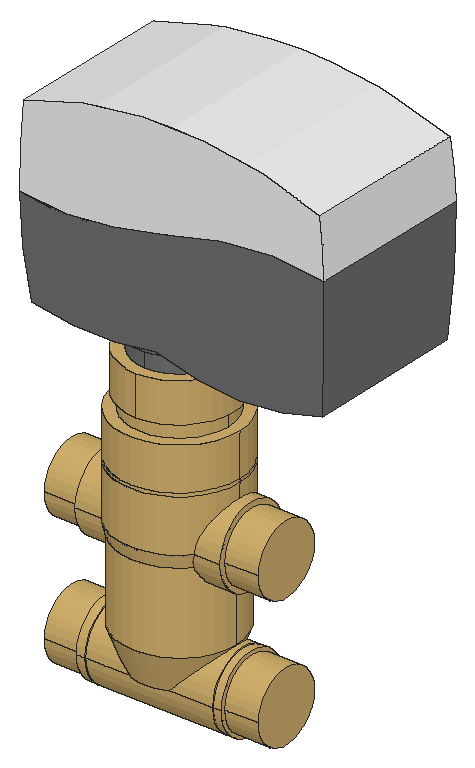
Revit family "VZ4_DN15-20_AMV(E) 130_140 (X)_RFA_1", category Pipe Accessories, Revit 2019
Family settings
  Round Connector Dimension = Use Diameter
  Part Type = Valve - Breaks Into
  OmniClass Number = 23.65.55.14.17
  OmniClass Title = Adjusting/Controlling Valves for Liquid Services
  Work Plane-Based = No
  Always vertical = Yes
  Cut with Voids When Loaded = No
  Shared = No
Parameters (values of type "VZ4_DN15_Kvs0.25_065Z5510")
  Weight = 0.51 kg
  W = 49.9 mm  # constant formula
  Voltage = if(or(Actuator Type = [082H0050], Actuator Type = [082H8037], Actuator Type = [082H8039]), 230 V, 24 V)  # 24 V
  Valve Body Material = Danfoss Brass (DZR)
  URL = "https://store.danfoss.com/en/Climate-Solutions-for-heating/Motorised-Control-Valves-/Globe-Valves/Valves-for-Terminal-%26-Zone/c/4107?q=%3Arelevance%3Adanfoss_producttypehierarchydesc%3A6cc733bfba1914d8ebc07122ec55f7d9897b4040&page=0&pageSize=10"
  Stroke = "5.5 mm"  # constant formula
  R5 = 18.5 mm
  R6 = 13 mm
  R3 = 11.5 mm
  R4 = 18.5 mm
  R2 = 12 mm
  R1_1 = 11.5 mm
  R1 = 10.5 mm
  Pressure Drop [instance] = 0.0 bar
  Power = if(or(Actuator Type = [082H8044], Actuator Type = [082H8045]), 1.3 VA, if(or(Actuator Type = [082H8065]), 1.5 VA, if(or(Actuator Type = [082H0050], Actuator Type = [082H8037], Actuator Type = [082H8039]), 8 VA, 1 VA)))  # 1.3 VA
  Nominal Pressure = "PN 16"  # constant formula
  Model Type = "VZ4_DN15_Kvs0.25"
  Model = "065Z5510"
  Min Medium Temperature = "2°C"  # constant formula
  Max Operating Pressure = "1 bar"  # constant formula
  Max Medium Temperature = "120°C"  # constant formula
  Max Differential Pressure = "3.5 bar"
  Manufacturer = "Danfoss"  # constant formula
  LOD 350 = not(LOD 200)  # yes
  LOD 200 = no
  L1 = 10.5 mm
  L = 65 mm
  Kvs (B-AB) = 0.25 m³/h
  Kvs (A-AB) = 0.25 m³/h
  IfcExportType = "VZ4"  # constant formula
  IfcExportAs = "IfcValveType"  # constant formula
  Ha [instance] = 122.8 mm
  H3 = 51.5 mm
  H1 = 4 mm
  H2 = 30 mm  # constant formula
  H [instance] = 174.3 mm
  Flow [instance] = 0.0 m³/h
  E1 = 17 mm
  Description = "Motorized Control Valve"  # constant formula
  D1 = R2 * 2  # 24 mm
  D = 15 mm
  Connection = "External Thread"  # constant formula
  C = 40 mm
  Actuator Type = AMV(E) 130_140 (X)_RFA : AME 130_24V_1.5m_082H8044
  082H8065 = AMV(E) 130_140 (X)_RFA : AME 140 X_24V_1.5m_082H8065
  082H8045 = AMV(E) 130_140 (X)_RFA : AME 140_24V_1.5m_082H8045
  082H8044 = AMV(E) 130_140 (X)_RFA : AME 130_24V_1.5m_082H8044
  082H8039 = AMV(E) 130_140 (X)_RFA : AMV 140_230V_1.5m_082H8039
  082H8037 = AMV(E) 130_140 (X)_RFA : AMV 130_230V_1.5m_082H8037
  082H0050 = AMV(E) 130_140 (X)_RFA : AMV 130_230V_0.5m_IP_082H0050
Types (9, lengths in mm): name | Weight | R5 | R3 | R2 | R1_1 | R1 | Model Type | Model | Max Differential Pressure | L1 | L | Kvs (B-AB) | Kvs (A-AB) | H3 | H1 | H | E1 | D1 | D | C
  (no name) | 0.51 kg | 18.5 | 11.5 | 12 | 11.5 | 10.5 | "VZ4_DN15_Kvs0.25" | "065Z5510" | "3.5 bar" | 10.5 | 65 | 0.25 m³/h | 0.25 m³/h | 51.5 | 4 | 174.3 | 17 | 24 | 15 | 40
  VZ4_DN20_Kvs2.5_065Z5520 | 0.62 kg | 22.123 | 12 | 17.5 | 14.3 | 14.3 | "VZ4_DN20_Kvs2.5" | "065Z5520" | "2.5 bar" | 11.5 | 77 | 1.6 m³/h | 2.5 m³/h | 64.5 | 8.8 | 187.3 | 21 | 35 | 20 | 50
  VZ4_DN15_Kvs0.4_065Z5511 | 0.51 kg | 18.5 | 11.5 | 12 | 11.5 | 10.5 | "VZ4_DN15_Kvs0.4" | "065Z5511" | "3.5 bar" | 10.5 | 65 | 0.25 m³/h | 0.4 m³/h | 51.5 | 4 | 187.3 | 17 | 24 | 15 | 40
  VZ4_DN15_Kvs0.63_065Z5512 | 0.51 kg | 18.5 | 11.5 | 12 | 11.5 | 10.5 | "VZ4_DN15_Kvs0.63" | "065Z5512" | "3.5 bar" | 10.5 | 65 | 0.4 m³/h | 0.63 m³/h | 51.5 | 4 | 187.3 | 17 | 24 | 15 | 40
  VZ4_DN15_Kvs1.0_065Z5513 | 0.51 kg | 18.5 | 11.5 | 12 | 11.5 | 10.5 | "VZ4_DN15_Kvs1.0" | "065Z5513" | "3.5 bar" | 10.5 | 65 | 0.63 m³/h | 1.0 m³/h | 51.5 | 4 | 187.3 | 17 | 24 | 15 | 40
  VZ4_DN15_Kvs1.6_065Z5514 | 0.51 kg | 18.5 | 11.5 | 12 | 11.5 | 10.5 | "VZ4_DN15_Kvs1.6" | "065Z5514" | "3.5 bar" | 10.5 | 65 | 1.0 m³/h | 1.6 m³/h | 51.5 | 4 | 187.3 | 17 | 24 | 15 | 40
  VZ4_DN15_Kvs2.5_065Z5515 | 0.51 kg | 18.5 | 11.5 | 12 | 11.5 | 10.5 | "VZ4_DN15_Kvs2.5" | "065Z5515" | "3.5 bar" | 10.5 | 65 | 1.6 m³/h | 2.5 m³/h | 51.5 | 4 | 187.3 | 17 | 24 | 15 | 40
  VZ4_DN20_Kvs4.0_065Z5521 | 0.62 kg | 22.123 | 12 | 17.5 | 14.3 | 14.3 | "VZ4_DN20_Kvs4.0" | "065Z5521" | "2.5 bar" | 11.5 | 77 | 2.5 m³/h | 4.0 m³/h | 64.5 | 8.8 | 187.3 | 21 | 35 | 20 | 50
  VZ4_DN15_Kvs0.25_065Z5510 | 0.51 kg | 18.5 | 11.5 | 12 | 11.5 | 10.5 | "VZ4_DN15_Kvs0.25" | "065Z5510" | "3.5 bar" | 10.5 | 65 | 0.25 m³/h | 0.25 m³/h | 51.5 | 4 | 174.3 | 17 | 24 | 15 | 40
Reference planes
  plane 1 "Center (Front/Back)": y = 0
  plane 2: z = 0
  plane 3 "Center (Left/Right)": x = 0
  plane 4: z = -51.5
  plane 5: x = -32.5
  plane 6: x = 32.5
  plane 7: x = -22
  plane 8: x = 22
  plane 9: z = 30
  plane 10: z = 40
  plane 11 "c": z = -40
  plane 12: z = -40
  plane 13: x = -19.4
  plane 14: x = 19.4
  plane 15: z = -28.5
  plane 16: z = -4
  plane 17: z = 16
  plane 18: y = -24.95
  plane 19: y = 24.95
Forms (mm)
  Extrusion 1, solid, material "Danfoss Brass (DZR)" <- "Valve Body Material", visible <- "LOD 350", detail levels fine
    sketch origin (0, 0, 0) x (0, 1, 0) y (0, 0, 1)
      loop
        circle (0, 0) r 10.5
    from 22 to 32.5
  Extrusion 2, solid, material "Danfoss Brass (DZR)" <- "Valve Body Material", visible <- "LOD 350", detail levels fine
    sketch origin (0, 0, 0) x (0, 1, 0) y (0, 0, 1)
      loop
        circle (0, 0) r 10.5
    from -32.5 to -22
  Extrusion 3, solid, material "Danfoss Brass (DZR)" <- "Valve Body Material", visible <- "LOD 350", detail levels fine
    sketch origin (0, 0, 0) x (0, 1, 0) y (0, 0, 1)
      loop
        circle (0, 0) r 12
    from -22 to 22
  Extrusion 4, solid, material "Danfoss Brass (DZR)" <- "Valve Body Material", visible <- "LOD 350", detail levels fine
    sketch origin (0, 0, 0) x (1, 0, 0) y (0, 1, 0)
      loop
        circle (0, 0) r 17.5
    from -28.5 to -4
  Extrusion 5, solid, material "Danfoss Brass (DZR)" <- "Valve Body Material", visible <- "LOD 350", detail levels fine
    sketch origin (0, 0, 0) x (1, 0, 0) y (0, 1, 0)
      loop
        circle (0, 0) r 18.5
    from 17 <- "E1" to 30
  Extrusion 6, solid, material "Danfoss Brass (DZR)" <- "Valve Body Material", visible <- "LOD 200", detail levels fine
    sketch origin (0, 0, 0) x (0, 1, 0) y (0, 0, 1)
      loop
        circle (0, 0) r 10.5
    from -32.5 to 32.5
  Extrusion 7, solid, material "Danfoss Brass (DZR)" <- "Valve Body Material", visible <- "LOD 200", detail levels fine
    sketch origin (0, 0, 0) x (1, 0, 0) y (0, 1, 0)
      loop
        circle (0, 0) r 18.5
    from -40 to 40
  Extrusion 8, solid, material "Danfoss Brass (DZR)" <- "Valve Body Material", visible <- "LOD 350", detail levels fine
    sketch origin (0, 0, -40) x (0, 1, 0) y (0, 0, 1)
      loop
        circle (0, 0) r 11.5
    from -19.4 to 19.4
  Extrusion 9, solid, material "Danfoss Brass (DZR)" <- "Valve Body Material", visible <- "LOD 350", detail levels fine
    sketch origin (0, 0, -40.189) x (0, 1, 0) y (0, 0, 1)
      loop
        circle (0, 0.189) r 10.5
    from 22 to 32.5
  Extrusion 10, solid, material "Danfoss Brass (DZR)" <- "Valve Body Material", visible <- "LOD 350", detail levels fine
    sketch origin (0, 0, -40.189) x (0, 1, 0) y (0, 0, 1)
      loop
        circle (0, 0.189) r 10.5
    from -32.5 to -22
  Blend 11, solid, material "Danfoss Brass (DZR)" <- "Valve Body Material", visible <- "LOD 350", detail levels fine
    base sketch origin (0, 0, 0) x (0, 1, 0) y (0, 0, 1)
      loop
        circle (0, -40) r 11.5
    top sketch origin (0, 0, 0) x (0, 1, 0) y (0, 0, 1)
      loop
        circle (0, -40) r 11.5
    from -22 to -19.4
  Blend 12, solid, material "Danfoss Brass (DZR)" <- "Valve Body Material", visible <- "LOD 350", detail levels fine
    base sketch origin (0, 0, 0) x (0, 1, 0) y (0, 0, -1)
      loop
        circle (0, 40) r 11.5
    top sketch origin (0, 0, 0) x (0, 1, 0) y (0, 0, -1)
      loop
        circle (0, 40) r 11.5
    from -22 to -19.4
  Extrusion 13, solid, material "Danfoss Brass (DZR)" <- "Valve Body Material", visible <- "LOD 200", detail levels fine
    sketch origin (0, 0, -49.6) x (0, 1, 0) y (0, 0, 1)
      loop
        circle (0, 9.6) r 10.5
    from -32.5 to 32.5
  Blend 14, solid, material "Danfoss Brass (DZR)" <- "Valve Body Material", visible <- "LOD 350", detail levels fine
    base sketch origin (0, 0, 0) x (1, 0, 0) y (0, 1, 0)
      loop
        circle (0, 0) r 17.5
    top sketch origin (0, 0, 0) x (1, 0, 0) y (0, 1, 0)
      loop
        circle (0, 0) r 13
    from -28.5 to -40
  Revolve 15, solid, material "Danfoss Brass (DZR)" <- "Valve Body Material", visible <- "LOD 350", detail levels fine
    sketch origin (0, 0, 0) x (1, 0, 0) y (0, 0, 1)
      loop
        line (0, 40) -> (0, 30) -> (15, 30) -> (15, 40) -> (0, 40)
      axis (0, 40) -> (0, 30)
    angle from 0 to 360
  Extrusion 16, solid, material "Danfoss Brass (DZR)" <- "Valve Body Material", visible <- "LOD 350", detail levels fine
    sketch origin (0, 0, 0) x (1, 0, 0) y (0, 1, 0)
      loop
        circle (0, 0) r 18.5
    from 0 to 16
  Blend 17, solid, material "Danfoss Brass (DZR)" <- "Valve Body Material", visible <- "LOD 350", detail levels fine
    base sketch origin (0, 0, 0) x (1, 0, 0) y (0, 1, 0)
      loop
        circle (0, 0) r 18.5
    top sketch origin (0, 0, 0) x (1, 0, 0) y (0, 1, 0)
      loop
        circle (0, 0) r 18.5
    from 16 to 17 <- "E1"
  Blend 18, solid, material "Danfoss Brass (DZR)" <- "Valve Body Material", visible <- "LOD 350", detail levels fine
    base sketch origin (0, 0, 0) x (1, 0, 0) y (0, 1, 0)
      loop
        circle (0, 0) r 17.5
    top sketch origin (0, 0, 0) x (1, 0, 0) y (0, 1, 0)
      loop
        circle (0, 0) r 18.5
    from -4 to 0
Dimensions and locks
  "H3": level to plane 4
  "H2": plane 9 to level
  "L": plane 6 to plane 5
  "L1": plane 7 to plane 5
  "L1": plane 6 to plane 8
  equal spacing: plane 6, plane 3 "Center (Left/Right)", plane 5
  locked: plane 10 to plane 9 at 10
  level to plane 4 = 51.5 mm
  "R3": plane 12 to plane 4
  "C": level to plane 11 "c"
  locked: plane 13 to plane 7 at 2.6
  locked: plane 8 to plane 14 at 2.6
  "R3": plane 15 to plane 11 "c"
  Revolve 15 sketch curve to Revolve 15 sketch curve = 15 mm
  locked: plane 17 to level at 16
  "H1": level to plane 16
  level to plane 11 "c" = 40 mm
  equal spacing: plane 18, plane 1 "Center (Front/Back)", plane 19
  "W": plane 18 to plane 19
  locked: plane 10 to nested 2 at 5.6
  "Ha": nested 2 to plane 2
  "H": nested 2 to plane 4
  "R1": radius of Extrusion 1 sketch curve
  "R1": radius of Extrusion 2 sketch curve
  "R2": radius of Extrusion 3 sketch curve
  "R4": radius of Extrusion 5 sketch curve
  "R1": radius of Extrusion 6 sketch curve
  "R3": radius of Extrusion 8 sketch curve
  "R1": radius of Extrusion 9 sketch curve
  "R1": radius of Extrusion 10 sketch curve
  "R1_1": radius of Blend 11 sketch curve
  "R3": radius of Blend 11 sketch curve
  "R1_1": radius of Blend 12 sketch curve
  "R3": radius of Blend 12 sketch curve
  "R1": radius of Extrusion 13 sketch curve
  "R6": radius of Blend 14 sketch curve
  "R5": radius of Extrusion 16 sketch curve
  "R5": radius of Blend 17 sketch curve
  "R4": radius of Blend 17 sketch curve
  "R5": radius of Blend 18 sketch curve
  radius of Extrusion 4 sketch curve = 17.5 mm
  radius of Blend 18 sketch curve = 17.5 mm
  "R4": radius of Extrusion 7 sketch curve
  radius of Blend 14 sketch curve = 17.5 mm
  aligned and locked: level to plane 2
  aligned and locked: plane 1 "Center (Front/Back)" to Extrusion 1 sketch curve
  aligned and locked: level to Extrusion 1 sketch curve
  aligned and locked: plane 6 to Extrusion 1
  aligned and locked: Extrusion 1 to plane 8
  aligned and locked: plane 1 "Center (Front/Back)" to Extrusion 2 sketch curve
  aligned and locked: level to Extrusion 2 sketch curve
  aligned and locked: Extrusion 2 to plane 5
  aligned and locked: plane 7 to Extrusion 2
  aligned and locked: plane 1 "Center (Front/Back)" to Extrusion 3 sketch curve
  aligned and locked: level to Extrusion 3 sketch curve
  aligned and locked: Extrusion 3 to plane 7
  aligned and locked: plane 8 to Extrusion 3
  aligned and locked: plane 3 "Center (Left/Right)" to Extrusion 4 sketch curve
  aligned and locked: plane 1 "Center (Front/Back)" to Extrusion 4 sketch curve
  aligned and locked: plane 3 "Center (Left/Right)" to Extrusion 5 sketch curve
  aligned and locked: plane 1 "Center (Front/Back)" to Extrusion 5 sketch curve
  aligned and locked: plane 9 to Extrusion 5
  aligned and locked: plane 1 "Center (Front/Back)" to Extrusion 6 sketch curve
  aligned and locked: level to Extrusion 6 sketch curve
  aligned and locked: Extrusion 6 to plane 5
  aligned and locked: plane 6 to Extrusion 6
  aligned and locked: plane 3 "Center (Left/Right)" to Extrusion 7 sketch curve
  aligned and locked: plane 1 "Center (Front/Back)" to Extrusion 7 sketch curve
  aligned and locked: plane 10 to Extrusion 7
  aligned and locked: plane 1 "Center (Front/Back)" to Extrusion 10 sketch curve
  aligned and locked: plane 11 "c" to Extrusion 10 sketch curve
  aligned and locked: plane 1 "Center (Front/Back)" to Extrusion 8 sketch curve
  aligned and locked: plane 1 "Center (Front/Back)" to Extrusion 9 sketch curve
  aligned and locked: plane 11 "c" to Extrusion 9 sketch curve
  aligned and locked: Extrusion 10 to plane 5
  aligned and locked: plane 6 to Extrusion 9
  aligned and locked: plane 7 to Extrusion 10
  aligned and locked: Extrusion 9 to plane 8
  aligned and locked: Extrusion 8 to plane 13
  aligned and locked: plane 14 to Extrusion 8
  aligned and locked: plane 1 "Center (Front/Back)" to Blend 11 sketch curve  (x2)
  aligned and locked: plane 11 "c" to Blend 11 sketch curve  (x2)
  aligned and locked: Blend 11 to plane 7
  aligned and locked: plane 13 to Blend 11
  aligned and locked: plane 8 to Blend 12
  aligned and locked: Blend 12 to plane 14
  aligned and locked: plane 1 "Center (Front/Back)" to Extrusion 13 sketch curve
  aligned and locked: plane 11 "c" to Extrusion 13 sketch curve
  aligned and locked: plane 11 "c" to Extrusion 8 sketch curve
  aligned and locked: Extrusion 7 to plane 11 "c"
  aligned and locked: Extrusion 13 to plane 5
  aligned and locked: plane 6 to Extrusion 13
  aligned and locked: Extrusion 4 to plane 15
  aligned and locked: plane 3 "Center (Left/Right)" to Blend 14 sketch curve  (x2)
  aligned and locked: plane 1 "Center (Front/Back)" to Blend 14 sketch curve  (x2)
  aligned and locked: plane 15 to Blend 14
  aligned and locked: Blend 14 to plane 11 "c"
  aligned and locked: plane 1 "Center (Front/Back)" to nested 1
  aligned and locked: plane 3 "Center (Left/Right)" to nested 1
  aligned and locked: nested 1 to plane 3 "Center (Left/Right)"
  aligned and locked: Revolve 15 sketch curve to plane 3 "Center (Left/Right)"  (x2)
  aligned and locked: Revolve 15 sketch curve to plane 9
  aligned and locked: Revolve 15 sketch curve to plane 10
  aligned and locked: Revolve 15 sketch curve to Extrusion 4
  aligned and locked: plane 17 to Extrusion 16
  aligned and locked: Blend 17 to plane 17
  aligned and locked: Blend 18 to plane 16
  aligned and locked: level to Blend 18
  aligned and locked: plane 16 to Extrusion 4
  aligned and locked: nested 2 to plane 1 "Center (Front/Back)"
  aligned and locked: plane 3 "Center (Left/Right)" to nested 2
Automatic sketch dimensions
  plane 1 "Center (Front/Back)" to Blend 18 sketch curve = 0 mm  (x2)
  Blend 18 sketch curve to plane 3 "Center (Left/Right)" = 0 mm  (x2)
  plane 10 to Revolve 15 sketch curve = 12.3 mm
  Blend 12 sketch curve to plane 1 "Center (Front/Back)" = 0 mm  (x2)
  Blend 12 sketch curve to plane 11 "c" = 0 mm  (x2)
  plane 1 "Center (Front/Back)" to Extrusion 16 sketch curve = 0 mm
  Extrusion 16 sketch curve to plane 3 "Center (Left/Right)" = 0 mm
  plane 1 "Center (Front/Back)" to Blend 17 sketch curve = 0 mm  (x2)
  Blend 17 sketch curve to plane 3 "Center (Left/Right)" = 0 mm  (x2)
Nested families
  nested 1: "Schematic_4-Way Valve" at (0, 0, 0), type "Schematic_4-Way Valve", detail levels coarse+medium
  nested 2: "AMV(E) 130_140 (X)_RFA" at (0, 0, 34.4) x (0, 1, 0) z (0, 0, 1), LOD 200 <- "LOD 200", Voltage <- "Voltage", Power <- "Power", type <- "Actuator Type", type "AME 130_24V_1.5m_082H8044", detail levels fine
    with Voltage 24 V, Power 1.3 VA, LOD 350 yes, LOD 200 no
Connectors
  piping at (32.5, 0, 0), diameter 15, driven by "D", driven by "Flow"
    settings: on Extrusion 1, index 1, connector inside diameter 609.6 mm, connector length 0 mm, flow factor 0, pipe flow 0.0 m³/h, pressure drop 0.0 bar, fitting loss kfactor 0, connector angle 0.00°, fixture units 0, engagement length 0 mm, angle of deflection 0.00°, flow configuration 0, flow direction 2, fitting loss method 0, system type 29, joint type 0, gender type 0, connector reference index 2, connector utility 0, adjustable connector no, is connector primary no, connector description "AB"
  piping at (-32.5, 0, 0), diameter 15, driven by "D", driven by "Flow"
    settings: on Extrusion 2, index 2, connector inside diameter 609.6 mm, connector length 0 mm, flow factor 0, pipe flow 0.0 m³/h, pressure drop 0.0 bar, fitting loss kfactor 0, connector angle 0.00°, fixture units 0, engagement length 0 mm, angle of deflection 0.00°, flow configuration 0, flow direction 1, fitting loss method 0, system type 29, joint type 0, gender type 0, connector reference index 1, connector utility 0, adjustable connector no, is connector primary yes, connector description "A"
  piping at (32.5, 0, -40), diameter 15, driven by "Flow", driven by "D"
    settings: on Extrusion 9, index 3, connector inside diameter 609.6 mm, connector length 0 mm, flow factor 0, pipe flow 0.0 m³/h, pressure drop 0.0 bar, fitting loss kfactor 0, connector angle 0.00°, fixture units 0, engagement length 0 mm, angle of deflection 0.00°, flow configuration 0, flow direction 1, fitting loss method 0, system type 29, joint type 0, gender type 0, connector reference index 4, connector utility 0, adjustable connector no, is connector primary no, connector description "B"
  piping at (-32.5, 0, -40), diameter 15, driven by "Flow", driven by "D"
    settings: on Extrusion 10, index 4, connector inside diameter 609.6 mm, connector length 0 mm, flow factor 0, pipe flow 0.0 m³/h, pressure drop 0.0 bar, fitting loss kfactor 0, connector angle 0.00°, fixture units 0, engagement length 0 mm, angle of deflection 0.00°, flow configuration 0, flow direction 2, fitting loss method 0, system type 29, joint type 0, gender type 0, connector reference index 3, connector utility 0, adjustable connector no, is connector primary no, connector description "B"
  electrical at (0, 0, 0), driven by "Voltage", driven by "Power"
    settings: index 7, voltage 24 V, apparent load 0 VA, apparent load phase1 1.3 VA, apparent load phase2 0 VA, apparent load phase3 0 VA, power factor 0.95, load classification "HVAC", number of poles 1, system type 31, power factor state 1, is connector primary yes, connector utility no, sub classification motor no, connector description ""
Definition of nested family "AMV(E) 130_140 (X)_RFA"
  Parameters (values of type "AME 130_24V_1.5m_082H8044")
    Weight = 0.30 kg  # constant formula
    W3 = 28.8 mm
    W2 = 26 mm
    W1 = 33 mm
    W [instance] = 50 mm
    Voltage [instance] = 24 V
    URL = "https://store.danfoss.com/en/Climate-Solutions-for-heating/Motorised-Control-Valves/Actuators-for-Globe-Valves/Actuators-Without-Safety-Function/c/4109?q=%3Arelevance%3Adanfoss_producttypehierarchydesc%3AAME+130%3Adanfoss_producttypehierarchydesc%3AAME+140%3Adanfoss_producttypehierarchydesc%3AAMV+130%3Adanfoss_producttypehierarchydesc%3AAMV+140%3Adanfoss_producttypehierarchydesc%3AAME+140+X&text="
    Type Comments = ""
    Speed = "24 s/mm"
    Safety Function = "No"  # constant formula
    Power Supply = "24 V"
    Power Consumption = "1.3 W"
    Power [instance] = 1.3 VA
    Output Signal = "NA"
    Model Type = "AME 130_24V_1.5m"
    Model = "082H8044"
    Min Ambient Temperature = "0 °C"  # constant formula
    Max Stroke = 5.5 mm  # constant formula
    Max Medium Temperature = "130 °C"  # constant formula
    Max Ambient Temperature = "55 °C"  # constant formula
    Manufacturer = "Danfoss"  # constant formula
    LOD 350 [instance] = not(LOD 200)  # yes
    LOD 200 [instance] = no
    L1 = 28.4 mm
    L [instance] = 92.4 mm
    IfcExportType = "AME 130"
    IfcExportAs = "IfcActuatorType"  # constant formula
    H1 = 12 mm
    H [instance] = 88.4 mm
    Description = "Gear Actuator"  # constant formula
    Control Input Signal = "0-10 V / 0-20 mA"
    Closing Force = "200 N"  # constant formula
    Cable Length = 1500 mm
    Body Material = none
  Types (12, lengths in mm): name | Voltage | Speed | Power Supply | Power Consumption | Power | Output Signal | Model Type | Model | IfcExportType | Control Input Signal | Cable Length
    AME 130_24V_1.5m_082H8044 | 24 V | "24 s/mm" | "24 V" | "1.3 W" | 1.3 VA | "NA" | "AME 130_24V_1.5m" | "082H8044" | "AME 130" | "0-10 V / 0-20 mA" | 1500
    AME 140_24V_1.5m_082H8045 | 24 V | "12 s/mm" | "24 V" | "1.3 W" | 1.3 VA | "NA" | "AME 140_24V_1.5m" | "082H8045" | "AME 140" | "0-10 V / 0-20 mA" | 1500
    AMV 130_230V_0.5m_IP_082H0050 | 230 V | "24 s/mm" | "230 V" | "8 W" | 8 VA | "NA" | "AMV 130_230V_0.5m_IP" | "082H0050" | "AMV 130" | "3-point" | 500
    AMV 130_24V_1.5m_082H8036 | 24 V | "24 s/mm" | "24 V" | "1 W" | 1 VA | "NA" | "AMV 130_24V_1.5m" | "082H8036" | "AMV 130" | "3-point" | 1500
    AMV 130_230V_1.5m_082H8037 | 230 V | "24 s/mm" | "230 V" | "8 W" | 8 VA | "NA" | "AMV 130_230V_1.5m" | "082H8037" | "AMV 130" | "3-point" | 1500
    AMV 130_24V_5m_082H8068 | 24 V | "24 s/mm" | "24 V" | "1 W" | 1 VA | "NA" | "AMV 130_24V_5m" | "082H8068" | "AMV 130" | "3-point" | 5000
    AMV 130_24V_10m_082H8070 | 24 V | "24 s/mm" | "24 V" | "1 W" | 1 VA | "NA" | "AMV 130_24V_10m" | "082H8070" | "AMV 130" | "3-point" | 10000
    AMV 140_24V_1.5m_082H8038 | 24 V | "12 s/mm" | "24 V" | "1 W" | 1 VA | "NA" | "AMV 140_24V_1.5m" | "082H8038" | "AMV 140" | "3-point" | 1500
    AMV 140_230V_1.5m_082H8039 | 230 V | "12 s/mm" | "230 V" | "8 W" | 8 VA | "NA" | "AMV 140_230V_1.5m" | "082H8039" | "AMV 140" | "3-point" | 1500
    AMV 140_24V_5m_082H8069 | 24 V | "12 s/mm" | "24 V" | "1 W" | 1 VA | "NA" | "AMV 140_24V_5m" | "082H8069" | "AMV 140" | "3-point" | 5000
    AMV 140_24V_10m_082H8071 | 24 V | "12 s/mm" | "24 V" | "1 W" | 1 VA | "NA" | "AMV 140_24V_10m" | "082H8071" | "AMV 140" | "3-point" | 10000
    AME 140 X_24V_1.5m_082H8065 | 24 V | "12 s/mm" | "24 V" | "1.5 W" | 1.5 VA | "0-10 V" | "AME 140 X_24V_1.5m" | "082H8065" | "AME 140 X" | "0-10 V / 0-20 mA" | 1500
  Reference planes
    plane 1 "Center (Front/Back)": y = 0
    plane 2: z = 0
    plane 3 "Center (Left/Right)": x = 0
    plane 4: z = 12
    plane 5: y = -64
    plane 6: y = 28.4
    plane 7: z = 88.4
    plane 8: x = 25
    plane 9: x = -25
    plane 10: x = -16.5
    plane 11: x = 16.5
    plane 12: z = 32
    plane 13: x = -13
    plane 14: x = 13
    plane 15: x = -14.4
    plane 16: x = 14.4
    plane 17 "Plane Bottom": z = 17.2
    plane 18: y = 25.9
    plane 19: y = 27.4
    plane 20: z = 80.4
    plane 21: y = -62.5
    plane 22: z = 23.2
    plane 23: z = 25.4
    plane 24: z = 55.5
    plane 25: z = 63
    plane 26: z = 64.5
    plane 27: z = 54
    plane 28: z = 20.7
    plane 29: y = -26
    plane 30: y = -38.5
    plane 31: z = 86.9
    plane 32: x = -24.5
    plane 33: x = 24.5
    plane 34: x = -23.5
    plane 35: x = 23.5
    plane 36: x = -27
    plane 37: x = 27
    plane 38: y = 27.9
    plane 39: x = -22.5
    plane 40: y = -63.5
    plane 41: x = 22.5
  Forms (mm)
    Extrusion 1, solid, detail levels fine
      sketch origin (0, 0, 0) x (1, 0, 0) y (0, 1, 0)
        loop
          circle (0, 0) r 16.5
      from 0 to 12
    Revolve 2, solid, visible <- "LOD 350", detail levels fine
      sketch origin (0, 0, 0) x (1, 0, 0) y (0, 0, 1)
        loop
          line (-14.4, 17.2) -> (-13, 17.2) -> (-13, 12) -> (0, 12) -> (0, 32) -> (-14.4, 32) -> (-14.4, 17.2)
        axis (0, 32) -> (0, 12)
      angle from 0 to 360
    Extrusion 3, solid, visible <- "LOD 350", detail levels fine
      sketch origin (0, 0, 0) x (0, 1, 0) y (0, 0, 1)
        loop
          arc (-64, 63) -> (-63.628, 44.185) -> (-62.5, 25.4) r 467.805
          arc (-62.5, 25.4) -> (-37.155, 20.685) -> (-11.757, 25.101) r 72.777
          arc (-11.757, 25.101) -> (7.088, 23.201) -> (25.9, 25.4) r 87.494
          arc (25.9, 25.4) -> (27.789, 40.397) -> (28.4, 55.5) r 178.069
          arc (28.4, 55.5) -> (14.2, 54) -> (0, 55.5) r 67.953
          arc (0, 55.5) -> (-16.037, 59.092) -> (-31.999, 63) r 834.074
          arc (-31.999, 63) -> (-48, 64.5) -> (-64, 63) r 86.072
      from -27 to 27
    Extrusion 4, solid, material <- "Body Material", visible <- "LOD 350", detail levels fine
      sketch origin (0, 0, 0) x (0, 1, 0) y (0, 0, 1)
        loop
          arc (-62.5, 80.4) -> (-63.467, 71.719) -> (-64, 63) r 175.37
          arc (-64, 63) -> (-48, 64.5) -> (-31.999, 63) r 86.072
          arc (-31.999, 63) -> (-16.037, 59.092) -> (0, 55.5) r 834.074
          arc (0, 55.5) -> (14.2, 54) -> (28.4, 55.5) r 67.953
          arc (28.4, 55.5) -> (28.204, 67.962) -> (27.4, 80.4) r 255.314
          arc (27.4, 80.4) -> (-17.55, 88.505) -> (-62.5, 80.4) r 128.693
      from -27 to 27
    Extrusion 5, solid, visible <- "LOD 350", detail levels fine
      sketch origin (0, 0, 17.2) x (-1, 0, 0) y (0, -1, 0)
        loop
          line (-2.173, 26) -> (-2.173, 38.5) -> (-9.373, 38.5) -> (-9.373, 26) -> (-2.173, 26)
      from 0 to 8.2
    Extrusion 6, void
      sketch origin (0, 0, 0) x (1, 0, 0) y (0, 0, 1)
        loop
          line (-24.358, 89.4) -> (24.197, 89.4)
          arc (24.197, 89.4) -> (24.826, 53.28) -> (23.013, 17.2) r 534.228
          line (23.013, 17.2) -> (29.5, 17.2) -> (29.5, 93.4) -> (-30, 93.4) -> (-30, 17.2) -> (-23.022, 17.2)
          arc (-23.022, 17.2) -> (-24.911, 53.277) -> (-24.358, 89.4) r 534.166
      from -39.301 to 75.38
    Revolve 7, solid, visible <- "LOD 200", detail levels fine
      sketch origin (0, 0, 0) x (1, 0, 0) y (0, 0, 1)
        loop
          line (-13, 12) -> (0, 12) -> (0, 32) -> (-13, 32) -> (-13, 12)
        axis (0, 12) -> (0, 32)
      angle from 0 to 360
    Blend 8, solid, visible <- "LOD 200", detail levels fine
      base sketch origin (0, 0, 0) x (1, 0, 0) y (0, 1, 0)
        loop
          line (-23.667, -62.5) -> (23.5, -62.5) -> (23.5, 25.9) -> (-23.667, 25.9) -> (-23.667, -62.5)
      top sketch origin (0, 0, 0) x (1, 0, 0) y (0, 1, 0)
        loop
          line (-24.948, 28.4) -> (-24.948, -64) -> (24.898, -64) -> (24.898, 28.4) -> (-24.948, 28.4)
      from 25.4 to 63
    Blend 9, solid, material <- "Body Material", visible <- "LOD 200", detail levels fine
      base sketch origin (0, 0, 0) x (1, 0, 0) y (0, 1, 0)
        loop
          line (-24.948, 28.4) -> (-24.948, -64) -> (24.898, -64) -> (24.898, 28.4) -> (-24.948, 28.4)
      top sketch origin (0, 0, 0) x (1, 0, 0) y (0, 1, 0)
        loop
          line (-24.724, 27.4) -> (-24.724, -62.5) -> (24.582, -62.5) -> (24.582, 27.4) -> (-24.724, 27.4)
      from 63 to 88.4
  Cuts and joins
    Extrusion 6 cuts Extrusion 3
    Extrusion 6 cuts Extrusion 4
  Dimensions and locks
    plane 5 to plane 6 = 92.4 mm
    equal spacing: plane 8, plane 3 "Center (Left/Right)", plane 9
    "W": plane 8 to plane 9
    plane 7 to level = 88.4 mm
    "H1": plane 4 to level
    equal spacing: plane 11, plane 3 "Center (Left/Right)", plane 10
    "W1": plane 11 to plane 10
    equal spacing: plane 14, plane 3 "Center (Left/Right)", plane 13
    "W2": plane 14 to plane 13
    equal spacing: plane 16, plane 3 "Center (Left/Right)", plane 15
    "W3": plane 16 to plane 15
    "L1": plane 1 "Center (Front/Back)" to plane 6
    plane 12 to level = 32 mm
    plane 17 "Plane Bottom" to plane 4 = 5.2 mm
    plane 17 "Plane Bottom" to level = 17.2 mm
    Extrusion 5 sketch curve to Extrusion 5 sketch curve = 7.2 mm
    plane 37 to plane 3 "Center (Left/Right)" to plane 36 = 27 mm, 27 mm
    "L": plane 6 to plane 5
    "H": plane 7 to level
    diameter of Extrusion 1 sketch curve = 33 mm
    aligned and locked: level to plane 2
    aligned and locked: plane 4 to Extrusion 1
    aligned and locked: plane 15 to Revolve 2 sketch curve
    aligned and locked: Revolve 2 sketch curve to plane 12
    aligned and locked: Revolve 2 sketch curve to plane 17 "Plane Bottom"
    aligned and locked: Revolve 2 sketch curve to plane 13
    aligned and locked: Revolve 2 sketch curve to plane 4
    aligned and locked: plane 3 "Center (Left/Right)" to Revolve 2 sketch curve
    aligned and locked: Revolve 2 sketch curve to Revolve 2 sketch curve
    aligned and locked: Extrusion 5 sketch curve to plane 30
    aligned and locked: plane 29 to Extrusion 5 sketch curve
    aligned and locked: plane 23 to Extrusion 5
    aligned and locked: Extrusion 4 to plane 36
    aligned and locked: plane 37 to Extrusion 4
    aligned and locked: Extrusion 6 sketch curve to plane 17 "Plane Bottom"
    aligned and locked: Revolve 7 sketch curve to plane 4
    aligned and locked: Revolve 7 sketch curve to plane 13
    aligned and locked: Revolve 7 sketch curve to plane 3 "Center (Left/Right)"
    aligned and locked: Revolve 7 sketch curve to plane 12
    aligned and locked: Revolve 7 sketch curve to Revolve 7 sketch curve  (x2)
    aligned and locked: Blend 8 sketch curve to cut or joined group of Extrusion 3, Extrusion 6  (x4)
    aligned and locked: Blend 8 sketch curve to plane 18
    aligned and locked: Blend 8 sketch curve to plane 35
    aligned and locked: Blend 8 to plane 23
    aligned and locked: plane 25 to Blend 8
    aligned and locked: Blend 9 sketch curve to Blend 8  (x4)
    aligned and locked: Blend 9 sketch curve to cut or joined group of Extrusion 4, Extrusion 6  (x4)
    aligned and locked: Blend 9 to plane 25
    aligned and locked: plane 7 to Blend 9
  Automatic sketch dimensions
    plane 1 "Center (Front/Back)" to Extrusion 1 sketch curve = 0 mm
    Extrusion 1 sketch curve to plane 3 "Center (Left/Right)" = 0 mm
    Revolve 2 sketch curve to plane 4 = 0 mm
    Revolve 2 sketch curve to plane 12 = 0 mm
    Extrusion 3 sketch curve to plane 5 = 0 mm
    Extrusion 3 sketch curve to plane 21 = 0 mm
    Extrusion 3 sketch curve to plane 25 = 0 mm  (x2)
    Extrusion 3 sketch curve to plane 1 "Center (Front/Back)" = 0 mm  (x2)
    Extrusion 3 sketch curve to plane 18 = 0 mm
    Extrusion 3 sketch curve to plane 6 = 0 mm
    Extrusion 3 sketch curve to plane 23 = 0 mm  (x2)
    Extrusion 3 sketch curve to plane 24 = 0 mm  (x2)
    Extrusion 3 sketch curve to plane 24 = 0.364 mm
    Extrusion 3 sketch curve to plane 21 = 14.5 mm
    plane 7 to Extrusion 3 sketch curve = 5.06 mm
    Extrusion 3 sketch curve to plane 21 = 25.773 mm
    Extrusion 3 sketch curve to plane 1 "Center (Front/Back)" = 6.393 mm
    Extrusion 3 sketch curve to plane 6 = 145.895 mm
    Extrusion 3 sketch curve to plane 25 = 0.167 mm
    Extrusion 3 sketch curve to level = 21.572 mm
    Extrusion 3 sketch curve to Extrusion 3 sketch curve = 11.261 mm
    Extrusion 4 sketch curve to plane 5 = 0 mm
    Extrusion 4 sketch curve to plane 20 = 0 mm  (x2)
    Extrusion 4 sketch curve to plane 21 = 0 mm
    Extrusion 4 sketch curve to plane 19 = 0 mm
    Extrusion 4 sketch curve to plane 6 = 0 mm
    Extrusion 4 sketch curve to plane 24 = 0 mm  (x2)
    Extrusion 4 sketch curve to plane 25 = 0 mm  (x2)
    plane 24 to Extrusion 4 sketch curve = 2.217 mm
    plane 24 to Extrusion 4 sketch curve = 1.156 mm
    Extrusion 4 sketch curve to level = 40.188 mm
    Extrusion 4 sketch curve to plane 21 = 14.5 mm
    Extrusion 4 sketch curve to level = 21.572 mm
    Extrusion 4 sketch curve to plane 1 "Center (Front/Back)" = 0 mm  (x2)
    Extrusion 4 sketch curve to plane 6 = 145.895 mm
    plane 3 "Center (Left/Right)" to Extrusion 5 sketch curve = 2.173 mm
    plane 34 to Extrusion 6 sketch curve = 0.478 mm
    plane 35 to Extrusion 6 sketch curve = 0.487 mm
    Extrusion 6 sketch curve to plane 33 = 0.303 mm
    Extrusion 6 sketch curve to plane 25 = 0.963 mm
    plane 25 to Extrusion 6 sketch curve = 0.156 mm
    Extrusion 6 sketch curve to plane 28 = 3.5 mm
    plane 7 to Extrusion 6 sketch curve = 5 mm
    plane 8 to Extrusion 6 sketch curve = 4.5 mm
    Extrusion 6 sketch curve to plane 36 = 3 mm
    plane 32 to Extrusion 6 sketch curve = 0.142 mm
    plane 7 to Extrusion 6 sketch curve = 1 mm
    Revolve 7 sketch curve to plane 12 = 0 mm
    Blend 8 sketch curve to plane 5 = 0 mm
    Blend 8 sketch curve to plane 8 = 0.102 mm
Definition of nested family "Schematic_4-Way Valve"
  Parameters (values of type "Schematic_4-Way Valve")
    C = 40 mm
    L_1 = L / 2  # 32.5 mm
    L = 65 mm
    H = L  # 65 mm
    D1 = 22 mm
  Reference planes
    plane 1 "Center (Front/Back)": y = 0
    plane 2: z = 0
    plane 3 "Center (Left/Right)": x = 0
    plane 4: z = 11
    plane 5: z = -11
    plane 6: x = -32.5
    plane 7: x = 32.5
    plane 8: y = 11
    plane 9: y = -11
    plane 10: z = 65
    plane 11: z = 32.5
    plane 12: x = 16.25
    plane 13: x = -16.25
    plane 14: y = 65
    plane 15: y = 32.5
    plane 16: z = -40
    plane 17: z = -51
    plane 18: z = -29
  Lines and regions (mm)
    model lines
      curve 1: line (0, 0, 0) -> (32.5, 0, 11)
      curve 2: line (32.5, 0, 11) -> (32.5, 0, -11)
      curve 3: line (32.5, 0, -11) -> (0, 0, 0)
      curve 4: line (0, 0, 0) -> (-32.5, 0, 11)
      curve 5: line (-32.5, 0, 11) -> (-32.5, 0, -11)
      curve 6: line (-32.5, 0, -11) -> (0, 0, 0)
      curve 13: line (0, 0, 32.5) -> (0, 0, -40)
      curve 14: line (-16.25, 0, 65) -> (16.25, 0, 65)
      curve 15: line (-16.25, 0, 32.5) -> (-16.25, 0, 65)
      curve 16: line (16.25, 0, 32.5) -> (-16.25, 0, 32.5)
      curve 17: line (16.25, 0, 65) -> (16.25, 0, 32.5)
      curve 23: line (0, 0, -40) -> (32.5, 0, -29)
      curve 24: line (32.5, 0, -29) -> (32.5, 0, -51)
      curve 25: line (32.5, 0, -51) -> (0, 0, -40)
      curve 26: line (0, 0, -40) -> (-32.5, 0, -29)
      curve 27: line (-32.5, 0, -29) -> (-32.5, 0, -51)
      curve 28: line (-32.5, 0, -51) -> (0, 0, -40)
    symbolic lines
      curve 7: line (0, 0, 0) -> (32.5, 11, 0)
      curve 8: line (32.5, 11, 0) -> (32.5, -11, 0)
      curve 9: line (32.5, -11, 0) -> (0, 0, 0)
      curve 10: line (0, 0, 0) -> (-32.5, 11, 0)
      curve 11: line (-32.5, 11, 0) -> (-32.5, -11, 0)
      curve 12: line (-32.5, -11, 0) -> (0, 0, 0)
      curve 18: line (-16.25, 65, 0) -> (16.25, 65, 0)
      curve 19: line (-16.25, 32.5, 0) -> (-16.25, 65, 0)
      curve 20: line (16.25, 32.5, 0) -> (-16.25, 32.5, 0)
      curve 21: line (16.25, 65, 0) -> (16.25, 32.5, 0)
      curve 22: line (0, 0, 0) -> (0, 32.5, 0)
  Dimensions and locks
    "D1": plane 4 to plane 5
    equal spacing: plane 4, level, plane 5
    "D1": plane 9 to plane 8
    equal spacing: plane 9, plane 1 "Center (Front/Back)", plane 8
    "L_1": plane 10 to plane 11
    "H": plane 10 to level
    "L_1": plane 12 to plane 13
    equal spacing: plane 12, plane 3 "Center (Left/Right)", plane 13
    "H": plane 1 "Center (Front/Back)" to plane 14
    "L_1": plane 15 to plane 14
    equal spacing: plane 13, plane 3 "Center (Left/Right)", plane 12  (x2)
    plane 13 to plane 12 = 32.5 mm  (x2)
    equal spacing: plane 7, plane 3 "Center (Left/Right)", plane 6
    "L": plane 7 to plane 6
    "D1": plane 18 to plane 17
    equal spacing: plane 18, plane 16, plane 17
    "C": level to plane 16
    aligned and locked: level to plane 2
    aligned and locked: curve 2 to plane 7
    aligned and locked: curve 5 to plane 6
    aligned and locked: curve 14 to plane 10
    aligned and locked: plane 13 to curve 15
    aligned and locked: curve 17 to plane 12
    aligned and locked: plane 15 to curve 22
    aligned and locked: plane 11 to curve 13
    aligned and locked: curve 13 to plane 3 "Center (Left/Right)"
    aligned and locked: plane 16 to curve 13
    aligned and locked: curve 24 to plane 7
    aligned and locked: curve 27 to plane 6
    aligned and locked: plane 1 "Center (Front/Back)" to curve 22
  Automatic sketch dimensions
    curve 4 to level = 0 mm
    curve 4 to plane 3 "Center (Left/Right)" = 0 mm
    curve 28 to plane 17 = 0 mm
    curve 24 to plane 17 = 0 mm
    curve 26 to plane 18 = 0 mm
    curve 23 to plane 18 = 0 mm
    curve 5 to plane 5 = 0 mm
    curve 2 to plane 5 = 0 mm
    curve 1 to plane 4 = 0 mm
    curve 4 to plane 4 = 0 mm
    curve 11 to plane 6 = 0 mm
    curve 18 to plane 13 = 0 mm
    curve 21 to plane 12 = 0 mm
    curve 9 to plane 7 = 0 mm
    plane 9 to curve 8 = 0 mm
    plane 9 to curve 11 = 0 mm
    plane 8 to curve 8 = 0 mm
    plane 8 to curve 10 = 0 mm
    plane 14 to curve 19 = 0 mm
    curve 22 to plane 3 "Center (Left/Right)" = 0 mm
